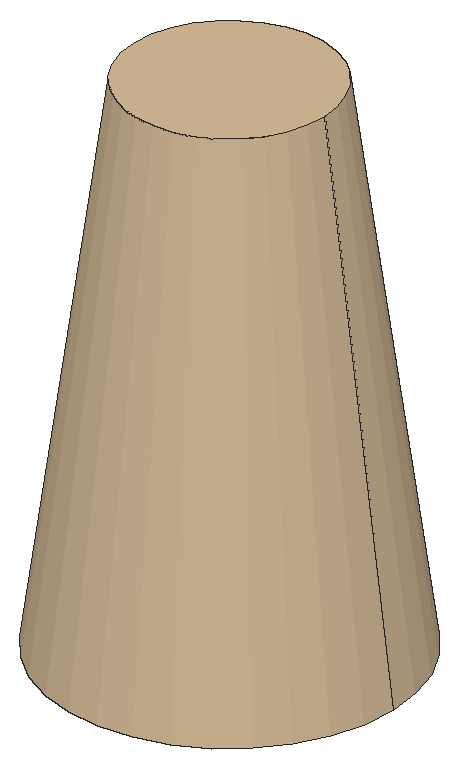
Revit family "FU_Table Base_Sandler_Cono 4001", category Furniture, Revit 2022
Family settings
  OmniClass Number = 23.40.20.00
  OmniClass Title = General Furniture and Specialties
  Work Plane-Based = No
  Always vertical = Yes
  Cut with Voids When Loaded = No
  Render Appearance Source = Family Geometry
  Shared = No
  Room Calculation Point = No
Parameters (values of type "Cono 4001")
  Width = 450 mm
  URL = "https://www.sandlerseating.com/product/cono-4001/"
  Model = "Cono 4001"
  Manufacturer = "Sandler"
  Height = 720 mm
  Description = "Contemporary metal dining table base with adjustable glides."
  Depth = 450 mm
  Default Elevation = 0 mm
  Base Finish [instance] = Metal - M2 Lacquer - Grey Beige RAL 1019
Reference planes
  plane 1 "Center (Front/Back)": y = 0
  plane 2: z = 0
  plane 3 "Center (Left/Right)": x = 0
  plane 4 "Right": x = -225
  plane 5 "Left": x = 225
  plane 6 "Back": y = 225
  plane 7 "Front": y = -225
  plane 8 "Height": z = 720
  plane 9 "Base height": z = 695
Forms (mm)
  Blend 1, solid, material "Metal - M2 Lacquer - Grey Beige RAL 1019" <- "Base Finish"
    base sketch origin (0, 0, 0) x (1, 0, 0) y (0, 1, 0)
      loop
        circle (0, 0) r 225
    top sketch origin (0, 0, 0) x (1, 0, 0) y (0, 1, 0)
      loop
        circle (0, 0) r 130
    from 0 to 695
Dimensions and locks
  equal spacing: plane 4 "Right", plane 3 "Center (Left/Right)", plane 5 "Left"
  "Width": plane 4 "Right" to plane 5 "Left"
  equal spacing: plane 6 "Back", plane 1 "Center (Front/Back)", plane 7 "Front"
  "Depth": plane 6 "Back" to plane 7 "Front"
  "Height": plane 8 "Height" to level
  locked: plane 8 "Height" to plane 9 "Base height" at 25
  aligned and locked: level to plane 2
  aligned and locked: plane 9 "Base height" to Blend 1
  aligned and locked: Blend 1 to level
Automatic sketch dimensions
  plane 1 "Center (Front/Back)" to Blend 1 sketch curve = 0 mm  (x2)
  Blend 1 sketch curve to plane 3 "Center (Left/Right)" = 0 mm  (x2)
  radius of Blend 1 sketch curve = 225 mm
  radius of Blend 1 sketch curve = 130 mm
